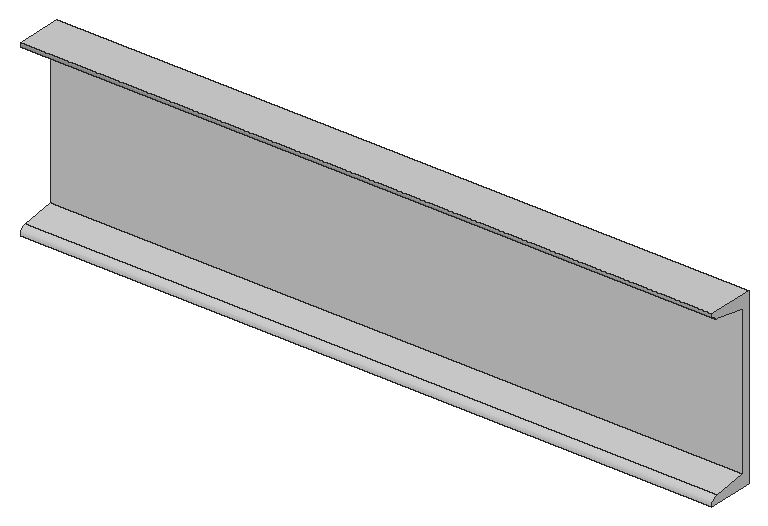
Revit family "C-Channel", category Structural Framing, Revit 2020
Family settings
  Structural Framing Length Roundoff = 0' - 0"
  Section Shape = Not Defined
  Material for Model Behavior = Steel
  Always export as geometry = No
  OmniClass Number = 23.25.30.11.14.14
  OmniClass Title = Beams
  Always vertical = Yes
  Cut with Voids When Loaded = No
  Symbolic Representation = From Project Settings
  Shared = No
  Show family pre-cut in plan views = Yes
Parameters (values of type "C12X30")
  W = 30
  Structural Material [instance] = Steel ASTM A36
  Assembly Code = "B10"
  Length [instance] = 5' - 0"
  bf = 0' - 3 11/64"
  d = 1' - 0"
  tf = 0' - 0 1/2"
  tw = 0' - 0 131/256"
  x = 0' - 0 173/256"
  A = 8.80 in²
Types (2): name | W | bf | d | tf | tw | x | A
  C12X30 | 30 | 0' - 3 11/64" | 1' - 0" | 0' - 0 1/2" | 0' - 0 131/256" | 0' - 0 173/256" | 8.80 in²
  C15X33.9 | 33.9 | 0' - 3 51/128" | 1' - 3" | 0' - 0 83/128" | 0' - 0 51/128" | 0' - 0 101/128" | 10.00 in²
Reference planes (in)
  plane 1 "Center (Front/Back)": y = 0
  plane 2: z = 0
  plane 3 "Center (Left/Right)": x = 0.1815
  plane 4 "Member Left": x = -23.8185
  plane 5 "Member Right": x = 24.1815
  plane 6 "Center Left/Right": y = 0.67578
  plane 7: y = -2.49609
  plane 8 "Top": z = 6
  plane 9: z = -6
  plane 10 "Left": x = -29.8185
  plane 11 "Right": x = 30.1815
Forms (in)
  Sweep 1, solid, material "Steel ASTM A36" <- "Structural Material", detail levels fine
    path origin (0, 0, 0) x (1, 0, 0) y (0, 1, 0)
      loop
        line (24.1815, 0) -> (-23.8185, 0)
    profile "C-Channel-Profile-Fine : C-Channel-Profile-Fine" origin (0.1815, 0, 0) x (0, -1, 0) y (0, 0, 1)
      loop
        line (-0.67578, -6) -> (2.49609, -6)
        arc (2.49609, -6) -> (2.34965, -5.64645) -> (1.99609, -5.5) r 0.5
        line (1.99609, -5.5) -> (-0.16406, -5.15786) -> (-0.16406, 5.15786) -> (1.99609, 5.5)
        arc (1.99609, 5.5) -> (2.34965, 5.64645) -> (2.49609, 6) r 0.5
        line (2.49609, 6) -> (-0.67578, 6) -> (-0.67578, -6)
  Sweep 2, solid, material "Steel ASTM A36" <- "Structural Material", detail levels medium
    path origin (0, 0, 0) x (1, 0, 0) y (0, 1, 0)
      loop
        line (24.1815, 0) -> (-23.8185, 0)
    profile "C-Channel-Profile-Medium : C-Channel-Profile-Medium" origin (0.1815, 0, 0) x (0, -1, 0) y (0, 0, 1)
      loop
        line (-0.67578, -6) -> (2.49609, -6) -> (2.49609, -5.5) -> (-0.16406, -5.07867) -> (-0.16406, 5.07867) -> (2.49609, 5.5) -> (2.49609, 6) -> (-0.67578, 6) -> (-0.67578, -6)
Lines and regions (in)
  symbolic lines, style "Hidden Faces", detail levels medium+fine
    curve 1: line (-23.8185, 0.1875, 5.5) -> (24.1815, 0.1875, 5.5)
    curve 2: line (-23.8185, 0.1875, -5.5) -> (24.1815, 0.1875, -5.5)
    curve 6: line (-23.8185, 0.16406, 0) -> (24.1815, 0.16406, 0)
  symbolic lines, style "Stick Symbols", detail levels coarse
    curve 3: line (0.1815, 0.67578, -6) -> (0.1815, 0.67578, 6)
    curve 4: line (0.1815, 0.67578, 6) -> (0.1815, -2.49609, 6)
    curve 5: line (0.1815, 0.67578, -6) -> (0.1815, -2.49609, -6)
Dimensions and locks (in)
  "bf": plane 6 "Center Left/Right" to plane 7
  "d": plane 9 to plane 8 "Top"
  "x": plane 6 "Center Left/Right" to plane 1 "Center (Front/Back)"
  equal spacing: plane 9, plane 2, plane 8 "Top"
  "Length": plane 10 "Left" to plane 11 "Right"
  "tw": plane 6 "Center Left/Right" to curve 6
  "tf": plane 8 "Top" to curve 1
  "tf": curve 2 to plane 9
  aligned and locked: Sweep 1 sketch curve to plane 1 "Center (Front/Back)"
  aligned and locked: Sweep 2 sketch curve to plane 1 "Center (Front/Back)"
  aligned and locked: curve 4 to Sweep 2
  aligned and locked: Sweep 2 to curve 5
  aligned and locked: Sweep 2 to curve 4
  aligned and locked: curve 5 to Sweep 2
  aligned and locked: plane 4 "Member Left" to Sweep 1 sketch curve
  aligned and locked: plane 5 "Member Right" to Sweep 1 sketch curve
  aligned and locked: plane 4 "Member Left" to Sweep 2 sketch curve
  aligned and locked: plane 5 "Member Right" to Sweep 2 sketch curve
  aligned and locked: plane 4 "Member Left" to curve 6
  aligned and locked: plane 5 "Member Right" to curve 6
  aligned and locked: plane 4 "Member Left" to curve 1
  aligned and locked: plane 4 "Member Left" to curve 2
  aligned and locked: plane 5 "Member Right" to curve 1
  aligned and locked: plane 5 "Member Right" to curve 2
Automatic sketch dimensions
  curve 3 to plane 6 "Center Left/Right" = 0' - 0"
